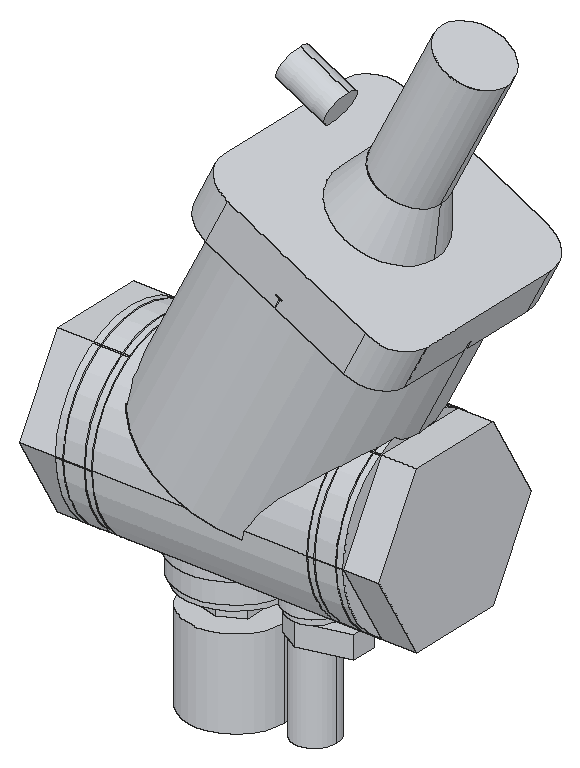
Revit family "PV_Compact_DN025L_  5-30_FF_měř_RFA_2019", category Pipe Accessories, Revit 2019
Family settings
  Round Connector Dimension = Use Diameter
  Part Type = Valve - Breaks Into
  Work Plane-Based = No
  Always vertical = Yes
  Cut with Voids When Loaded = No
  Shared = No
Parameters (values of type "PV Compact DN25L FF s měřením (  5-30kPa)")
  magiProductId = "5f34f6c18cbb44599cc4b76a533b7b"
  magiProductFamilyId = "17221e4467384e4990f0bd3f9c07cb"
  magiPartTypeId = 304
  isMeasuringValve [instance] = no
  ang2D [instance] = 0.00°
  Z7 = 15 mm
  Z6 = 40.2 mm
  Z5 = 93.8 mm
  Z4 = 80.4 mm
  Z3 = 13.4 mm
  Z2 = 67 mm
  XR3 = 42.5 mm
  XR2 = 37.5 mm
  XR1 = 25.5 mm
  W2D = 15 mm
  VersionID = "2.0/2018.12.13.2/FRESE_PV_COMPACT_PLUG_Q13_001"
  Use Minimum Symbol Size [instance] = no
  URL = "www.hydronix.cz"
  Type Comments = "závitový s vnitřním závitem; dvěma měřicími vsuvkami; PN25; dpmax=450kPa; -10~+120°C;"
  R5 = 5 mm
  R4 = 15 mm
  R3 = 10 mm
  R2 = 26.5 mm
  R1 = 31.5 mm
  QmdConnectorList = "301;D;302;D"
  Productdata [instance] = ""
  PH__ve = -PH  # -17.6 mm
  PH = 17.6 mm
  NL__ve = -NL  # -20 mm
  NL = 20 mm
  Manufacturer = "Hydronix"
  MC Use Limits From Balancing Method = no
  MC Throttling Minimum Value = 0
  MC Throttling Maximum Value = 0
  MC Product Code = "53-3210 DN25L; FF; nastavitelný rozsah dp=5~30kPa; Q=600~2500l/h;  kvs=8,7"
  MC Pressure Drop Minimum Value = 0.0 Pa
  MC Pressure Drop Maximum Value = 0.0 Pa
  MC Piping Given Pressure Drop [instance] = 0.0 Pa
  M5 = 40 mm
  M4 = 38 mm
  M3 = 32 mm
  M2 = 30 mm
  LP = 50 mm
  LM = 60 mm
  LL__ve = -LL  # -6.3 mm
  LLT__ve = -LLT  # -19.1 mm
  LLT = 19.1 mm
  LL2 = 38 mm
  LL = 6.3 mm
  L3 = 11 mm
  L2D_Min = 30.48 mm
  L2D = 65 mm
  Description = "Nastavitelný regulátor tlakové diference"
  DR1 = no
  DR0 = yes
  DL2 = 66 mm
  D = 25 mm
  CenSd_R2_6 = R2 * cos(30.00°)  # 22.95 mm
  CAT0 = yes
  C0D1 = no
  C0D0 = yes
Types (10, lengths in mm): name | magiProductId | Z6 | Z5 | Z4 | Z3 | Z2 | XR3 | XR2 | XR1 | R2 | R1 | PH__ve | PH | NL__ve | NL | MC Product Code | M5 | M4 | M3 | M2 | LP | LM | LL__ve | LLT__ve | LLT | LL2 | LL | L3 | D | CenSd_R2_6
  PV Compact DN15 FF s měřením ( 20-60kPa) | "92c6061b2d364c498536f200ceae3f" | 24.6 | 57.4 | 49.2 | 8.2 | 41 | 30 | 25 | 13 | 14 | 19 | -22.4 | 22.4 | -15 | 15 | "53-3205 DN15; FF; nastavitelný rozsah dp=20~60kPa; Q=100~1000l/h;  kvs=2,9" | 32.5 | 30.5 | 24.5 | 22.5 | 37.5 | 45 | -5.7 | -14.9 | 14.9 | 32 | 5.7 | 11 | 15 | 12.124
  PV Compact DN15 FF s měřením (  5-30kPa) | "f361d342a5c3496a8b127ae77303d4" | 24.6 | 57.4 | 49.2 | 8.2 | 41 | 30 | 25 | 13 | 14 | 19 | -22.4 | 22.4 | -15 | 15 | "53-3204 DN15; FF; nastavitelný rozsah dp=5~30kPa; Q=50~600l/h;  kvs=2,9" | 32.5 | 30.5 | 24.5 | 22.5 | 37.5 | 45 | -5.7 | -14.9 | 14.9 | 32 | 5.7 | 11 | 15 | 12.124
  PV Compact DN20 FF s měřením ( 20-60kPa) | "9f7cac6a20a942348ba3edadb25c10" | 24.6 | 57.4 | 49.2 | 8.2 | 41 | 30 | 25 | 13 | 14 | 19 | -22.4 | 22.4 | -15.8 | 15.8 | "53-3207 DN20; FF; nastavitelný rozsah dp=20~60kPa; Q=150~2000l/h;  kvs=3,5" | 33.7 | 31.7 | 25.7 | 23.7 | 39.5 | 47.4 | -5.7 | -14.9 | 14.9 | 32 | 5.7 | 11 | 20 | 12.124
  PV Compact DN20 FF s měřením (  5-30kPa) | "db23a1b537c14a0d8d3ef5b88ba9f3" | 24.6 | 57.4 | 49.2 | 8.2 | 41 | 30 | 25 | 13 | 14 | 19 | -22.4 | 22.4 | -15.8 | 15.8 | "53-3206 DN20; FF; nastavitelný rozsah dp=5~30kPa; Q=100~1000l/h;  kvs=3,5" | 33.7 | 31.7 | 25.7 | 23.7 | 39.5 | 47.4 | -5.7 | -14.9 | 14.9 | 32 | 5.7 | 11 | 20 | 12.124
  PV Compact DN25 FF s měřením (  5-30kPa) | "df9f1d59aa4a4bbbaec25e168ba07d" | 25.5 | 59.5 | 51 | 8.5 | 42.5 | 30 | 25 | 13 | 14 | 19 | -20.8 | 20.8 | -16.6 | 16.6 | "53-3208 DN25; FF; nastavitelný rozsah dp=5~30kPa; Q=600~2100l/h;  kvs=4,0" | 34.9 | 32.9 | 26.9 | 24.9 | 41.5 | 49.8 | -5.9 | -16.3 | 16.3 | 34 | 5.9 | 11 | 25 | 12.124
  PV Compact DN25L FF s měřením ( 20-80kPa) | "87b7cca8bace4074a54840dfb5d8dc" | 40.2 | 93.8 | 80.4 | 13.4 | 67 | 42.5 | 37.5 | 25.5 | 26.5 | 31.5 | -17.6 | 17.6 | -20 | 20 | "53-3211 DN25L; FF; nastavitelný rozsah dp=20~80kPa; Q=750~4200l/h;  kvs=8,7" | 40 | 38 | 32 | 30 | 50 | 60 | -6.3 | -19.1 | 19.1 | 38 | 6.3 | 11 | 25 | 22.95
  PV Compact DN25L FF s měřením (  5-30kPa) | "5f34f6c18cbb44599cc4b76a533b7b" | 40.2 | 93.8 | 80.4 | 13.4 | 67 | 42.5 | 37.5 | 25.5 | 26.5 | 31.5 | -17.6 | 17.6 | -20 | 20 | "53-3210 DN25L; FF; nastavitelný rozsah dp=5~30kPa; Q=600~2500l/h;  kvs=8,7" | 40 | 38 | 32 | 30 | 50 | 60 | -6.3 | -19.1 | 19.1 | 38 | 6.3 | 11 | 25 | 22.95
  PV Compact DN32 FF s měřením ( 20-80kPa) | "4a8a1c2c3ced401aa76adec660b182" | 40.2 | 93.8 | 80.4 | 13.4 | 67 | 42.5 | 37.5 | 25.5 | 26.5 | 31.5 | -13.6 | 13.6 | -20.8 | 20.8 | "53-3214 DN32; FF; nastavitelný rozsah dp=20~80kPa; Q=1000~5000l/h;  kvs=10,1" | 41.2 | 39.2 | 33.2 | 31.2 | 52 | 62.4 | -6.8 | -22.6 | 22.6 | 43 | 6.8 | 25 | 32 | 22.95
  PV Compact DN40 FF s měřením ( 20-80kPa) | "8dd334465d8f48dd802c3dab6bec5b" | 46.8 | 109.2 | 93.6 | 15.6 | 78 | 42.5 | 37.5 | 25.5 | 26.5 | 31.5 | -11.2 | 11.2 | -27.6 | 27.6 | "53-3216 DN40; FF; nastavitelný rozsah dp=20~80kPa; Q=3000~8000l/h;  kvs=15,8" | 51.4 | 49.4 | 43.4 | 41.4 | 69 | 82.8 | -7.1 | -24.7 | 24.7 | 46 | 7.1 | 25 | 40 | 22.95
  PV Compact DN50 FF s měřením ( 20-80kPa) | "de24153ded7e41748f92358b184bd6" | 46.8 | 109.2 | 93.6 | 15.6 | 78 | 42.5 | 37.5 | 25.5 | 35.25 | 31.5 | -6.4 | 6.4 | -27.6 | 27.6 | "53-3218 DN50; FF; nastavitelný rozsah dp=20~80kPa; Q=5000~11500l/h;  kvs=16,2" | 51.4 | 49.4 | 43.4 | 41.4 | 69 | 82.8 | -7.7 | -28.9 | 28.9 | 52 | 7.7 | 25 | 50 | 30.527
Reference planes
  plane 1 "Center (Front/Back)": y = 0
  plane 2 "XYPLANE": z = 0
  plane 3 "Center (Left/Right)": x = 0
  plane 4 "408": x = 50
  plane 5 "407": x = -50
  plane 6 "402": z = -66
  plane 7 "213": x = 11
  plane 8 "168": z = -15.1
  plane 9 "167": z = -17.1
  plane 10 "166": z = -23.4
  plane 11 "165": z = -29.7
  plane 12 "164": z = -31.7
  plane 13 "154": z = 0
  plane 14 "152": y = 0
  plane 15 "151": z = -38
  plane 16 "150": x = -11
  plane 17 "75": through (307.08, 0, 685.28) normal (0.891, 0, -0.454)
  plane 18 "74": x = 40
  plane 19 "73": x = 38
  plane 20 "72": x = 32
  plane 21 "71": x = 30
  plane 22 "70": x = -40
  plane 23 "69": x = -38
  plane 24 "68": x = -32
  plane 25 "67": y = 0
  plane 26 "66": through (-666.893, 0, 343.166) normal (0.454, 0, 0.891)
  plane 27 "65": x = -30
  plane 28 "64": through (335.147, 0, 670.979) normal (0.891, 0, -0.454)
  plane 29 "63": through (-637.838, 0, 400.19) normal (0.454, 0, 0.891)
  plane 30 "62": through (363.214, 0, 656.678) normal (0.891, 0, -0.454)
  plane 31 "61": y = 31.5
  plane 32 "60": y = -31.5
  plane 33 "59": through (-631.754, 0, 412.13) normal (0.454, 0, 0.891)
  plane 34 "58": through (-625.671, 0, 424.069) normal (0.454, 0, 0.891)
  plane 35 "57": through (302.625, 0, 687.549) normal (0.891, 0, -0.454)
  plane 36 "56": x = 0
  plane 37 "55": through (-668.255, 0, 340.493) normal (0.454, 0, 0.891)
  plane 38 "102XY": through (-668.255, 0, 340.493) normal (0.454, 0, 0.891)
  plane 39 "102XZ": y = 0
  plane 40 "102YZ": through (340.493, 0, 668.255) normal (0.891, 0, -0.454)
Forms (mm)
  Extrusion 1, solid
    sketch origin (50, -750, 0) x (0, 1, 0) y (0, 0, 1)
      loop
        line (776.5, 0) -> (763.25, 22.95) -> (736.75, 22.95) -> (723.5, 0) -> (736.75, -22.95) -> (763.25, -22.95) -> (776.5, 0)
    from 0 to -20 <- "NL__ve"
  Extrusion 2, solid
    sketch origin (-50, -750, 0) x (0, 1, 0) y (0, 0, 1)
      loop
        line (723.5, 0) -> (736.75, -22.95) -> (763.25, -22.95) -> (776.5, 0) -> (763.25, 22.95) -> (736.75, 22.95) -> (723.5, 0)
    from 0 to 20 <- "NL"
  Extrusion 3, solid, visible <- "C0D1"
    sketch origin (-750, 0, -66) x (1, 0, 0) y (0, 1, 0)
      loop
        circle (761, 0) r 10
    from 0 to 50
  Extrusion 4, solid, visible <- "DR1"
    sketch origin (-750, 0, -23.4) x (1, 0, 0) y (0, 1, 0)
      loop
        line (761, -24.5) -> (778.892, -6) -> (778.892, 6) -> (761, 24.5) -> (750.608, 6) -> (750.608, -6) -> (761, -24.5)
    from 0 to -17.6 <- "PH__ve"
  Extrusion 5, solid, visible <- "DR1"
    sketch origin (-750, 0, -23.4) x (1, 0, 0) y (0, 1, 0)
      loop
        circle (761, 0) r 10
    from 0 to 6.3 <- "LL"
  Blend 6, solid, visible <- "DR1"
    base sketch origin (-750, 0, -15.1) x (1, 0, 0) y (0, 1, 0)
      loop
        circle (761, 0) r 7.5
    top sketch origin (-750, 0, -15.1) x (1, 0, 0) y (0, 1, 0)
      loop
        circle (761, 0) r 10
    from 0 to -2
  Extrusion 7, solid, visible <- "DR1"
    sketch origin (-750, 0, 0) x (1, 0, 0) y (0, 1, 0)
      loop
        circle (761, 0) r 7.5
    from 0 to -19.1 <- "LLT__ve"
  Extrusion 8, solid, visible <- "C0D0"
    sketch origin (-750, 0, -38) x (1, 0, 0) y (0, 1, 0)
      loop
        circle (761, 0) r 6
    from 0 to -25
  Extrusion 9, solid, visible <- "DR0"
    sketch origin (-750, 0, -31.7) x (1, 0, 0) y (0, 1, 0)
      loop
        line (761, -7) -> (774.562, -3.5) -> (774.562, 3.5) -> (761, 7) -> (754.938, 3.5) -> (754.938, -3.5) -> (761, -7)
    from 0 to -6.3 <- "LL__ve"
  Extrusion 10, solid, visible <- "DR0"
    sketch origin (-750, 0, -31.7) x (1, 0, 0) y (0, 1, 0)
      loop
        circle (761, 0) r 7
    from 0 to 2
  Extrusion 11, solid, visible <- "DR0"
    sketch origin (-750, 0, -23.4) x (1, 0, 0) y (0, 1, 0)
      loop
        circle (761, 0) r 9
    from 0 to 6.3 <- "LL"
  Blend 12, solid, visible <- "DR0"
    base sketch origin (-750, 0, -15.1) x (1, 0, 0) y (0, 1, 0)
      loop
        circle (761, 0) r 6.5
    top sketch origin (-750, 0, -15.1) x (1, 0, 0) y (0, 1, 0)
      loop
        circle (761, 0) r 9
    from 0 to -2
  Extrusion 13, solid, visible <- "DR0"
    sketch origin (-750, 0, 0) x (1, 0, 0) y (0, 1, 0)
      loop
        circle (761, 0) r 6.5
    from 0 to -19.1 <- "LLT__ve"
  Extrusion 14, solid, visible <- "DR0"
    sketch origin (-750, 0, 0) x (1, 0, 0) y (0, 1, 0)
      loop
        circle (761, 0) r 6.5
    from 0 to -19.1 <- "LLT__ve"
  Blend 15, solid, visible <- "DR0"
    base sketch origin (-750, 0, -15.1) x (1, 0, 0) y (0, 1, 0)
      loop
        circle (761, 0) r 6.5
    top sketch origin (-750, 0, -15.1) x (1, 0, 0) y (0, 1, 0)
      loop
        circle (761, 0) r 9
    from 0 to -2
  Extrusion 16, solid, visible <- "DR0"
    sketch origin (-750, 0, -23.4) x (1, 0, 0) y (0, 1, 0)
      loop
        circle (761, 0) r 9
    from 0 to 6.3 <- "LL"
  Extrusion 17, solid, visible <- "DR0"
    sketch origin (-750, 0, -29.7) x (1, 0, 0) y (0, 1, 0)
      loop
        circle (761, 0) r 8
    from 0 to 6.3 <- "LL"
  Extrusion 18, solid, visible <- "DR0"
    sketch origin (-750, 0, -31.7) x (1, 0, 0) y (0, 1, 0)
      loop
        circle (761, 0) r 7
    from 0 to 2
  Extrusion 19, solid, visible <- "DR0"
    sketch origin (-750, 0, -31.7) x (1, 0, 0) y (0, 1, 0)
      loop
        line (761, -7) -> (774.562, -3.5) -> (774.562, 3.5) -> (761, 7) -> (754.938, 3.5) -> (754.938, -3.5) -> (761, -7)
    from 0 to -6.3 <- "LL__ve"
  Extrusion 20, solid, visible <- "C0D0"
    sketch origin (-750, 0, -38) x (1, 0, 0) y (0, 1, 0)
      loop
        circle (761, 0) r 6
    from 0 to -25
  Extrusion 21, solid, visible <- "CAT0"
    sketch origin (-750, 0, -38) x (1, 0, 0) y (0, 1, 0)
      loop
        circle (739, 0) r 13.5
    from 0 to -25
  Extrusion 22, solid
    sketch origin (-750, 0, -31.7) x (1, 0, 0) y (0, 1, 0)
      loop
        line (739, -7) -> (745.062, -3.5) -> (745.062, 3.5) -> (739, 7) -> (725.438, 3.5) -> (725.438, -3.5) -> (739, -7)
    from 0 to -6.3 <- "LL__ve"
  Extrusion 23, solid
    sketch origin (-750, 0, -31.7) x (1, 0, 0) y (0, 1, 0)
      loop
        circle (739, 0) r 14.5
    from 0 to 2
  Extrusion 24, solid
    sketch origin (-750, 0, -29.7) x (1, 0, 0) y (0, 1, 0)
      loop
        circle (739, 0) r 15.5
    from 0 to 6.3 <- "LL"
  Extrusion 25, solid
    sketch origin (-750, 0, -23.4) x (1, 0, 0) y (0, 1, 0)
      loop
        circle (739, 0) r 16.5
    from 0 to 6.3 <- "LL"
  Blend 26, solid
    base sketch origin (-750, 0, -15.1) x (1, 0, 0) y (0, 1, 0)
      loop
        circle (739, 0) r 14
    top sketch origin (-750, 0, -15.1) x (1, 0, 0) y (0, 1, 0)
      loop
        circle (739, 0) r 16.5
    from 0 to -2
  Extrusion 27, solid
    sketch origin (-750, 0, 0) x (1, 0, 0) y (0, 1, 0)
      loop
        circle (739, 0) r 14
    from 0 to -19.1 <- "LLT__ve"
  Blend 28, solid, visible <- "CAT0"
    base sketch origin (38, -750, 0) x (0, 1, 0) y (0, 0, 1)
      loop
        circle (750, 0) r 26.5
    top sketch origin (38, -750, 0) x (0, 1, 0) y (0, 0, 1)
      loop
        circle (750, 0) r 26.5
    from 0 to 2
  Extrusion 29, solid, visible <- "CAT0"
    sketch origin (32, -750, 0) x (0, 1, 0) y (0, 0, 1)
      loop
        circle (750, 0) r 26.5
    from 0 to 6
  Blend 30, solid, visible <- "CAT0"
    base sketch origin (30, -750, 0) x (0, 1, 0) y (0, 0, 1)
      loop
        circle (750, 0) r 26.5
    top sketch origin (30, -750, 0) x (0, 1, 0) y (0, 0, 1)
      loop
        circle (750, 0) r 26.5
    from 0 to 2
  Blend 31, solid, visible <- "CAT0"
    base sketch origin (-38, -750, 0) x (0, 1, 0) y (0, 0, 1)
      loop
        circle (750, 0) r 26.5
    top sketch origin (-38, -750, 0) x (0, 1, 0) y (0, 0, 1)
      loop
        circle (750, 0) r 26.5
    from 0 to -2
  Extrusion 32, solid, visible <- "CAT0"
    sketch origin (-38, -750, 0) x (0, 1, 0) y (0, 0, 1)
      loop
        circle (750, 0) r 26.5
    from 0 to 6
  Blend 33, solid, visible <- "CAT0"
    base sketch origin (-32, -750, 0) x (0, 1, 0) y (0, 0, 1)
      loop
        circle (750, 0) r 26.5
    top sketch origin (-32, -750, 0) x (0, 1, 0) y (0, 0, 1)
      loop
        circle (750, 0) r 26.5
    from 0 to 2
  Extrusion 34, solid, visible <- "CAT0"
    sketch origin (-30, -750, 0) x (0, 1, 0) y (0, 0, 1)
      loop
        circle (750, 0) r 26.5
    from 0 to 60 <- "LM"
  Extrusion 35, solid, visible <- "CAT0"
    sketch origin (-666.893, 0, 343.166) x (0.891007, 0, -0.45399) y (0, 1, 0)
      loop
        circle (744, 0) r 31.5
    from 0 to 67 <- "Z2"
  Extrusion 36, solid, visible <- "CAT0"
    sketch origin (-637.838, 0, 400.19) x (0.891007, 0, -0.45399) y (0, 1, 0)
      loop
        arc (722.5, 31.5) -> (715.429, 28.571) -> (712.5, 21.5) r 10
        line (712.5, 21.5) -> (712.5, -21.5)
        arc (712.5, -21.5) -> (715.429, -28.571) -> (722.5, -31.5) r 10
        line (722.5, -31.5) -> (765.5, -31.5)
        arc (765.5, -31.5) -> (772.571, -28.571) -> (775.5, -21.5) r 10
        line (775.5, -21.5) -> (775.5, 21.5)
        arc (775.5, 21.5) -> (772.571, 28.571) -> (765.5, 31.5) r 10
        line (765.5, 31.5) -> (722.5, 31.5)
    from 0 to 13.4 <- "Z3"
  Blend 37, solid, visible <- "CAT0"
    base sketch origin (-631.754, 0, 412.13) x (0.891007, 0, -0.45399) y (0, 1, 0)
      loop
        circle (744, 0) r 15
    top sketch origin (-631.754, 0, 412.13) x (0.891007, 0, -0.45399) y (0, 1, 0)
      loop
        circle (744, 0) r 10
    from 0 to 13.4
  Extrusion 38, solid, visible <- "CAT0"
    sketch origin (-625.671, 0, 424.069) x (0.891007, 0, -0.45399) y (0, 1, 0)
      loop
        circle (744, 0) r 10
    from 0 to 40.2 <- "Z6"
  Extrusion 39, solid, visible <- "CAT0"
    sketch origin (302.625, 0, 687.549) x (-0.45399, 0, -0.891007) y (0, 1, 0)
      loop
        circle (656.2, 0) r 5
    from 0 to 15 <- "Z7"
  Blend 40, solid, visible <- "CAT0"
    base sketch origin (-668.255, 0, 340.493) x (0.891007, 0, -0.45399) y (0, 1, 0)
      loop
        circle (744, 0) r 27.5
    top sketch origin (-668.255, 0, 340.493) x (0.891007, 0, -0.45399) y (0, 1, 0)
      loop
        circle (744, 0) r 31.5
    from 0 to 3
  Extrusion 41, solid, not visible
    sketch origin (-40, -750, 0) x (0, 1, 0) y (0, 0, 1)
      loop
        circle (750, 0) r 22.5
    from 0 to 10
  Extrusion 42, solid, not visible
    sketch origin (40, -750, 0) x (0, 1, 0) y (0, 0, 1)
      loop
        circle (750, 0) r 22.5
    from 0 to -10
Lines and regions (mm)
  reference lines, not visible
    curve 1: circle (2, 2, 0) r 1 normal (0, 0, 1)
  reference lines
    curve 2: line (50, 0, 0) -> (50, -3.5, 6.062)
    curve 3: line (50, 0, 0) -> (50, -7, 0)
    curve 4: line (50, 0, 0) -> (50, -3.5, -6.062)
    curve 5: line (-50, 0, 0) -> (-50, 3.5, 6.062)
    curve 6: line (-50, 0, 0) -> (-50, 7, 0)
    curve 7: line (-50, 0, 0) -> (-50, 3.5, -6.062)
Dimensions and locks
  plane 1 "Center (Front/Back)" to curve 1 = 2 mm
  "LP": plane 36 "56" to plane 4 "408"
  "LP": plane 36 "56" to plane 5 "407"
  "DL2": plane 2 "XYPLANE" to plane 6 "402"
  "L3": plane 3 "Center (Left/Right)" to plane 7 "213"
  locked: plane 9 "167" to plane 8 "168" at 2
  "LL": plane 10 "166" to plane 9 "167"
  "LL": plane 11 "165" to plane 10 "166"
  locked: plane 12 "164" to plane 11 "165" at 2
  "LL": plane 15 "151" to plane 12 "164"
  locked: plane 2 "XYPLANE" to plane 13 "154"
  locked: plane 1 "Center (Front/Back)" to plane 14 "152"
  "LL2": plane 2 "XYPLANE" to plane 15 "151"
  "L3": plane 3 "Center (Left/Right)" to plane 16 "150"
  "XR2": plane 40 "102YZ" to plane 17 "75"
  "M5": plane 3 "Center (Left/Right)" to plane 18 "74"
  "M4": plane 3 "Center (Left/Right)" to plane 19 "73"
  "M3": plane 3 "Center (Left/Right)" to plane 20 "72"
  "M2": plane 3 "Center (Left/Right)" to plane 21 "71"
  "M5": plane 3 "Center (Left/Right)" to plane 22 "70"
  "M4": plane 3 "Center (Left/Right)" to plane 23 "69"
  "M3": plane 3 "Center (Left/Right)" to plane 24 "68"
  locked: plane 14 "152" to plane 25 "67"
  locked: plane 38 "102XY" to plane 26 "66" at 3
  "M2": plane 3 "Center (Left/Right)" to plane 27 "65"
  locked: plane 40 "102YZ" to plane 28 "64" at 6
  "Z2": plane 38 "102XY" to plane 29 "63"
  "XR1": plane 40 "102YZ" to plane 30 "62"
  "R1": plane 14 "152" to plane 31 "61"
  "R1": plane 14 "152" to plane 32 "60"
  "Z4": plane 38 "102XY" to plane 33 "59"
  "Z5": plane 38 "102XY" to plane 34 "58"
  "XR3": plane 40 "102YZ" to plane 35 "57"
  locked: plane 3 "Center (Left/Right)" to plane 36 "56"
  locked: plane 38 "102XY" to plane 37 "55"
  "CenSd_R2_6": curve 2 to Extrusion 1 sketch curve  (x2)
  "CenSd_R2_6": curve 3 to Extrusion 1 sketch curve  (x2)
  "CenSd_R2_6": curve 4 to Extrusion 1 sketch curve  (x2)
  Extrusion 1 sketch curve to Extrusion 1 sketch curve = 0 mm  (x12)
  "CenSd_R2_6": curve 5 to Extrusion 2 sketch curve  (x2)
  "CenSd_R2_6": curve 6 to Extrusion 2 sketch curve  (x2)
  "CenSd_R2_6": curve 7 to Extrusion 2 sketch curve  (x2)
  Extrusion 2 sketch curve to Extrusion 2 sketch curve = 0 mm  (x12)
  Extrusion 4 sketch curve to Extrusion 4 sketch curve = 0 mm  (x12)
  Extrusion 9 sketch curve to Extrusion 9 sketch curve = 0 mm  (x12)
  Extrusion 19 sketch curve to Extrusion 19 sketch curve = 0 mm  (x12)
  Extrusion 22 sketch curve to Extrusion 22 sketch curve = 0 mm  (x12)
  Extrusion 36 sketch curve to Extrusion 36 sketch curve = 0 mm  (x16)
  "R2": radius of Blend 28 sketch curve  (x2)
  "R2": radius of Extrusion 29 sketch curve
  "R2": radius of Blend 30 sketch curve  (x2)
  "R2": radius of Blend 31 sketch curve  (x2)
  "R2": radius of Extrusion 32 sketch curve
  "R2": radius of Blend 33 sketch curve  (x2)
  "R2": radius of Extrusion 34 sketch curve
  "R1": radius of Extrusion 35 sketch curve
  radius of Extrusion 36 sketch curve = 10 mm  (x4)
  "R3": radius of Blend 37 sketch curve
  "R4": radius of Blend 37 sketch curve
  "R3": radius of Extrusion 38 sketch curve
  "R5": radius of Extrusion 39 sketch curve
  "R1": radius of Blend 40 sketch curve
  locked: curve 3 to curve 2 (angle 60.00°)
  locked: curve 4 to curve 3 (angle 60.00°)
  locked: curve 4 to curve 2 (angle 120.00°)
  locked: curve 6 to curve 5 (angle 60.00°)
  locked: curve 7 to curve 6 (angle 60.00°)
  locked: curve 7 to curve 5 (angle 120.00°)
  aligned and locked: level to plane 2 "XYPLANE"
  aligned and locked: plane 13 "154" to curve 4
  aligned and locked: curve 4 to plane 14 "152"
  aligned and locked: plane 13 "154" to curve 7
  aligned and locked: curve 7 to plane 14 "152"
  aligned and locked: plane 7 "213" to Extrusion 3 sketch curve
  aligned and locked: plane 14 "152" to Extrusion 3 sketch curve
  aligned and locked: plane 7 "213" to Extrusion 5 sketch curve
  aligned and locked: plane 14 "152" to Extrusion 5 sketch curve
  aligned and locked: plane 7 "213" to Blend 6 sketch curve  (x2)
  aligned and locked: plane 14 "152" to Blend 6 sketch curve  (x2)
  aligned and locked: Blend 6 to plane 9 "167"
  aligned and locked: plane 7 "213" to Extrusion 7 sketch curve
  aligned and locked: plane 14 "152" to Extrusion 7 sketch curve
  aligned and locked: plane 7 "213" to Extrusion 8 sketch curve
  aligned and locked: plane 14 "152" to Extrusion 8 sketch curve
  aligned and locked: plane 7 "213" to Extrusion 10 sketch curve
  aligned and locked: plane 14 "152" to Extrusion 10 sketch curve
  aligned and locked: plane 7 "213" to Extrusion 11 sketch curve
  aligned and locked: plane 14 "152" to Extrusion 11 sketch curve
  aligned and locked: plane 7 "213" to Blend 12 sketch curve  (x2)
  aligned and locked: plane 14 "152" to Blend 12 sketch curve  (x2)
  aligned and locked: Blend 12 to plane 9 "167"
  aligned and locked: plane 7 "213" to Extrusion 13 sketch curve
  aligned and locked: plane 14 "152" to Extrusion 13 sketch curve
  aligned and locked: plane 7 "213" to Extrusion 14 sketch curve
  aligned and locked: plane 14 "152" to Extrusion 14 sketch curve
  aligned and locked: plane 7 "213" to Blend 15 sketch curve  (x2)
  aligned and locked: plane 14 "152" to Blend 15 sketch curve  (x2)
  aligned and locked: Blend 15 to plane 9 "167"
  aligned and locked: plane 7 "213" to Extrusion 16 sketch curve
  aligned and locked: plane 14 "152" to Extrusion 16 sketch curve
  aligned and locked: plane 7 "213" to Extrusion 17 sketch curve
  aligned and locked: plane 14 "152" to Extrusion 17 sketch curve
  aligned and locked: plane 7 "213" to Extrusion 18 sketch curve
  aligned and locked: plane 14 "152" to Extrusion 18 sketch curve
  aligned and locked: plane 7 "213" to Extrusion 20 sketch curve
  aligned and locked: plane 14 "152" to Extrusion 20 sketch curve
  aligned and locked: plane 14 "152" to Extrusion 21 sketch curve
  aligned and locked: plane 16 "150" to Extrusion 21 sketch curve
  aligned and locked: plane 14 "152" to Extrusion 23 sketch curve
  aligned and locked: plane 16 "150" to Extrusion 23 sketch curve
  aligned and locked: plane 14 "152" to Extrusion 24 sketch curve
  aligned and locked: plane 16 "150" to Extrusion 24 sketch curve
  aligned and locked: plane 14 "152" to Extrusion 25 sketch curve
  aligned and locked: plane 16 "150" to Extrusion 25 sketch curve
  aligned and locked: plane 14 "152" to Blend 26 sketch curve  (x2)
  aligned and locked: plane 16 "150" to Blend 26 sketch curve  (x2)
  aligned and locked: Blend 26 to plane 9 "167"
  aligned and locked: plane 14 "152" to Extrusion 27 sketch curve
  aligned and locked: plane 16 "150" to Extrusion 27 sketch curve
  aligned and locked: plane 13 "154" to Blend 28 sketch curve  (x2)
  aligned and locked: Blend 28 sketch curve to plane 14 "152"  (x2)
  aligned and locked: plane 18 "74" to Blend 28
  aligned and locked: plane 13 "154" to Extrusion 29 sketch curve
  aligned and locked: Extrusion 29 sketch curve to plane 14 "152"
  aligned and locked: plane 13 "154" to Blend 30 sketch curve  (x2)
  aligned and locked: Blend 30 sketch curve to plane 14 "152"  (x2)
  aligned and locked: plane 20 "72" to Blend 30
  aligned and locked: plane 13 "154" to Blend 31 sketch curve  (x2)
  aligned and locked: Blend 31 sketch curve to plane 14 "152"  (x2)
  aligned and locked: Blend 31 to plane 22 "70"
  aligned and locked: plane 13 "154" to Extrusion 32 sketch curve
  aligned and locked: Extrusion 32 sketch curve to plane 14 "152"
  aligned and locked: plane 13 "154" to Blend 33 sketch curve  (x2)
  aligned and locked: Blend 33 sketch curve to plane 14 "152"  (x2)
  aligned and locked: plane 27 "65" to Blend 33
  aligned and locked: plane 13 "154" to Extrusion 34 sketch curve
  aligned and locked: Extrusion 34 sketch curve to plane 14 "152"
  aligned and locked: plane 25 "67" to Extrusion 35 sketch curve
  aligned and locked: Extrusion 35 sketch curve to plane 28 "64"
  aligned and locked: Extrusion 36 sketch curve to plane 17 "75"
  aligned and locked: Extrusion 36 sketch curve to plane 32 "60"
  aligned and locked: Extrusion 36 sketch curve to plane 30 "62"
  aligned and locked: plane 31 "61" to Extrusion 36 sketch curve
  aligned and locked: plane 25 "67" to Blend 37 sketch curve  (x2)
  aligned and locked: Blend 37 sketch curve to plane 28 "64"  (x2)
  aligned and locked: plane 34 "58" to Blend 37
  aligned and locked: plane 25 "67" to Extrusion 38 sketch curve
  aligned and locked: Extrusion 38 sketch curve to plane 28 "64"
  aligned and locked: plane 25 "67" to Extrusion 39 sketch curve
  aligned and locked: plane 34 "58" to Extrusion 39 sketch curve
  aligned and locked: plane 25 "67" to Blend 40 sketch curve  (x2)
  aligned and locked: Blend 40 sketch curve to plane 28 "64"  (x2)
  aligned and locked: plane 26 "66" to Blend 40
  aligned and locked: plane 13 "154" to Extrusion 41 sketch curve
  aligned and locked: Extrusion 41 sketch curve to plane 14 "152"
  aligned and locked: plane 13 "154" to Extrusion 42 sketch curve
  aligned and locked: Extrusion 42 sketch curve to plane 14 "152"
Automatic sketch dimensions
  plane 3 "Center (Left/Right)" to Extrusion 3 sketch curve = 1 mm
  Extrusion 4 sketch curve to plane 7 "213" = 0 mm  (x2)
  plane 3 "Center (Left/Right)" to Extrusion 4 sketch curve = 0.608 mm
  Extrusion 4 sketch curve to plane 21 "71" = 1.108 mm
  plane 32 "60" to Extrusion 4 sketch curve = 7 mm
  plane 1 "Center (Front/Back)" to Extrusion 4 sketch curve = 6 mm  (x2)
  Extrusion 4 sketch curve to plane 1 "Center (Front/Back)" = 6 mm  (x2)
  Extrusion 4 sketch curve to plane 31 "61" = 7 mm
  plane 3 "Center (Left/Right)" to Extrusion 5 sketch curve = 1 mm
  plane 3 "Center (Left/Right)" to Blend 6 sketch curve = 3.5 mm
  plane 3 "Center (Left/Right)" to Blend 6 sketch curve = 1 mm
  plane 3 "Center (Left/Right)" to Extrusion 7 sketch curve = 3.5 mm
  plane 3 "Center (Left/Right)" to Extrusion 8 sketch curve = 5 mm
  Extrusion 9 sketch curve to plane 7 "213" = 0 mm  (x2)
  plane 3 "Center (Left/Right)" to Extrusion 9 sketch curve = 4.938 mm
  Extrusion 9 sketch curve to plane 21 "71" = 5.438 mm
  plane 1 "Center (Front/Back)" to Extrusion 9 sketch curve = 7 mm
  plane 1 "Center (Front/Back)" to Extrusion 9 sketch curve = 3.5 mm  (x2)
  Extrusion 9 sketch curve to plane 1 "Center (Front/Back)" = 3.5 mm  (x2)
  Extrusion 9 sketch curve to Extrusion 9 sketch curve = 3.5 mm
  plane 3 "Center (Left/Right)" to Extrusion 10 sketch curve = 4 mm
  plane 3 "Center (Left/Right)" to Extrusion 11 sketch curve = 2 mm
  plane 3 "Center (Left/Right)" to Blend 12 sketch curve = 4.5 mm
  plane 3 "Center (Left/Right)" to Blend 12 sketch curve = 2 mm
  plane 3 "Center (Left/Right)" to Extrusion 13 sketch curve = 4.5 mm
  plane 3 "Center (Left/Right)" to Extrusion 14 sketch curve = 4.5 mm
  plane 3 "Center (Left/Right)" to Blend 15 sketch curve = 4.5 mm
  plane 3 "Center (Left/Right)" to Blend 15 sketch curve = 2 mm
  plane 3 "Center (Left/Right)" to Extrusion 16 sketch curve = 2 mm
  plane 3 "Center (Left/Right)" to Extrusion 17 sketch curve = 3 mm
  plane 3 "Center (Left/Right)" to Extrusion 18 sketch curve = 4 mm
  Extrusion 19 sketch curve to plane 7 "213" = 0 mm  (x2)
  plane 3 "Center (Left/Right)" to Extrusion 19 sketch curve = 4.938 mm
  Extrusion 19 sketch curve to plane 21 "71" = 5.438 mm
  plane 1 "Center (Front/Back)" to Extrusion 19 sketch curve = 7 mm
  plane 1 "Center (Front/Back)" to Extrusion 19 sketch curve = 3.5 mm  (x2)
  Extrusion 19 sketch curve to plane 1 "Center (Front/Back)" = 3.5 mm  (x2)
  Extrusion 19 sketch curve to Extrusion 19 sketch curve = 3.5 mm
  plane 3 "Center (Left/Right)" to Extrusion 20 sketch curve = 5 mm
  plane 27 "65" to Extrusion 21 sketch curve = 5.5 mm
  Extrusion 22 sketch curve to plane 16 "150" = 0 mm  (x2)
  plane 27 "65" to Extrusion 22 sketch curve = 5.438 mm
  Extrusion 22 sketch curve to plane 3 "Center (Left/Right)" = 4.938 mm
  plane 1 "Center (Front/Back)" to Extrusion 22 sketch curve = 7 mm
  plane 1 "Center (Front/Back)" to Extrusion 22 sketch curve = 3.5 mm  (x2)
  Extrusion 22 sketch curve to plane 1 "Center (Front/Back)" = 3.5 mm  (x2)
  Extrusion 22 sketch curve to Extrusion 22 sketch curve = 3.5 mm
  plane 27 "65" to Extrusion 23 sketch curve = 4.5 mm
  plane 27 "65" to Extrusion 24 sketch curve = 3.5 mm
  plane 27 "65" to Extrusion 25 sketch curve = 2.5 mm
  plane 27 "65" to Blend 26 sketch curve = 5 mm
  plane 27 "65" to Blend 26 sketch curve = 2.5 mm
  plane 27 "65" to Extrusion 27 sketch curve = 5 mm
  plane 17 "75" to Blend 40 sketch curve = 4 mm
  plane 32 "60" to Extrusion 41 sketch curve = 9 mm
  plane 32 "60" to Extrusion 42 sketch curve = 9 mm
  plane 3 "Center (Left/Right)" to curve 1 = 2 mm
  radius of curve 1 = 1 mm
Connectors
  piping at (-40, 0, 0), diameter 25, driven by "D"
    settings: on Extrusion 41, index 1, connector inside diameter 609.6 mm, connector length 0 mm, flow factor 0, pipe flow 0.0 L/s, pressure drop 0.0 Pa, fitting loss kfactor 0, connector angle 0.00°, fixture units 0, engagement length 0 mm, angle of deflection 0.00°, flow configuration 0, flow direction 0, fitting loss method 0, system type 29, joint type 0, gender type 0, connector reference index 2, connector utility 0, adjustable connector no, is connector primary yes, connector description ""
  piping at (40, 0, 0), diameter 25, driven by "D"
    settings: on Extrusion 42, index 2, connector inside diameter 609.6 mm, connector length 0 mm, flow factor 0, pipe flow 0.0 L/s, pressure drop 0.0 Pa, fitting loss kfactor 0, connector angle 0.00°, fixture units 0, engagement length 0 mm, angle of deflection 0.00°, flow configuration 0, flow direction 0, fitting loss method 0, system type 29, joint type 0, gender type 0, connector reference index 1, connector utility 0, adjustable connector no, is connector primary no, connector description ""
